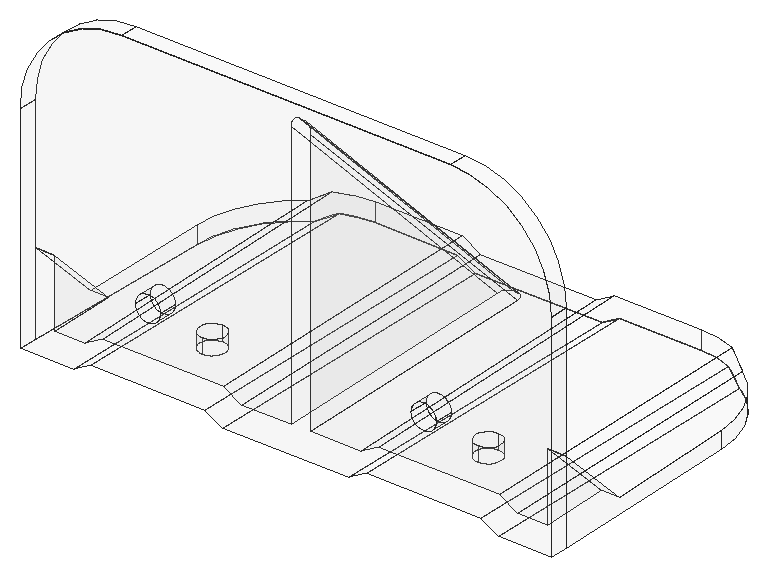
Revit family "Sno-Safe Snow Guards Wide", category Generic Models, host Roof, Revit 2018
Family settings
  Host = Roof
  Can host rebar = No
  Round Connector Dimension = Use Diameter
  Part Type = Normal
  Always vertical = No
  Cut with Voids When Loaded = No
  Shared = No
  Room Calculation Point = No
Parameters
  Website = "https://nam11.safelinks.protection.outlook.com/?url=https%3A%2F%2Fsno-safe.com%2F&amp;data=04%7C01%7Ccalbino%40blcompanies.com%7Cf221385ec2604285d10608d8efbff813%7Cb5da29df00d54e629ce64abaf7b02f5b%7C1%7C0%7C637522955881905874%7CUnknown%7CTWFpbGZsb3d8eyJWIjoiMC4wLjAwMDAiLCJQIjoiV2luMzIiLCJBTiI6Ik1haWwiLCJXVCI6Mn0%3D%7C1000&amp;sdata=iPplaXVlCnqY9QvmvaCPIVYFggKMZfZzkYPY14Ha8n8%3D&amp;reserved=0"
  Suggested Adhesive = "Surebond SB-190"
  Phone = "413-592-0404"
  Model = "Wide Polycarbonate Snow Guards"
  Methods of attachment = "Adhesive or Roofing screws with sealant"
  Material = "UV Resistant Polycarbonate"
  Manufacturer = "Sno-Safe Snow Guards"
  Link for requesting a custom layout = "https://nam11.safelinks.protection.outlook.com/?url=https%3A%2F%2Fsno-safe.com%2Fspacing.html&amp;data=04%7C01%7Ccalbino%40blcompanies.com%7Cf221385ec2604285d10608d8efbff813%7Cb5da29df00d54e629ce64abaf7b02f5b%7C1%7C0%7C637522955881905874%7CUnknown%7CTWFpbGZsb3d8eyJWIjoiMC4wLjAwMDAiLCJQIjoiV2luMzIiLCJBTiI6Ik1haWwiLCJXVCI6Mn0%3D%7C1000&amp;sdata=THajqZv8bPR4k426554uiJndSxCfwZHCU6hFwpszlcI%3D&amp;reserved=0"
  Colors = 01) Clear
  Address = "PO Box 541, Chicopee, MA 01021"
Reference planes (in)
  plane 1 "Center (Front/Back)": y = 0
  plane 2 "Roof": z = 144
  plane 3 "Center (Left/Right)": x = 0
Dimensions and locks (in)
  equal spacing: host sketch curve, plane 3 "Center (Left/Right)", host sketch curve
  equal spacing: host sketch curve, plane 1 "Center (Front/Back)", host sketch curve
  aligned and locked: plane 2 "Roof" to level
  aligned and locked: nested 1 to plane 1 "Center (Front/Back)"
  aligned and locked: nested 1 to plane 3 "Center (Left/Right)"
  aligned and locked: plane 1 "Center (Front/Back)" to nested 1
  aligned and locked: nested 1 to host roof
Nested families (in)
  nested 1: "Sno-Safe Wide" at (0, 0, 150) x (-1, 0, 0) z (0, 0, 1), type "Sno-Safe Wide"
Definition of nested family "Sno-Safe Wide"
  Parameters (values of type "Sno-Safe Wide")
    Website = "https://nam11.safelinks.protection.outlook.com/?url=https%3A%2F%2Fsno-safe.com%2F&amp;data=04%7C01%7Ccalbino%40blcompanies.com%7Cf221385ec2604285d10608d8efbff813%7Cb5da29df00d54e629ce64abaf7b02f5b%7C1%7C0%7C637522955881905874%7CUnknown%7CTWFpbGZsb3d8eyJWIjoiMC4wLjAwMDAiLCJQIjoiV2luMzIiLCJBTiI6Ik1haWwiLCJXVCI6Mn0%3D%7C1000&amp;sdata=iPplaXVlCnqY9QvmvaCPIVYFggKMZfZzkYPY14Ha8n8%3D&amp;reserved=0"
    URL = ""
    Suggested Adhesive = "Surebond SB-190"
    Phone = "413-592-0404"
    Model = "Wide Polycarbonate Snow Guards"
    Methods of attachment = "Adhesive or Roofing screws with sealant"
    Material = "UV Resistant Polycarbonate"
    Manufacturer = "Sno-Safe Snow Guards"
    Link for requesting a custom layout = "https://nam11.safelinks.protection.outlook.com/?url=https%3A%2F%2Fsno-safe.com%2Fspacing.html&amp;data=04%7C01%7Ccalbino%40blcompanies.com%7Cf221385ec2604285d10608d8efbff813%7Cb5da29df00d54e629ce64abaf7b02f5b%7C1%7C0%7C637522955881905874%7CUnknown%7CTWFpbGZsb3d8eyJWIjoiMC4wLjAwMDAiLCJQIjoiV2luMzIiLCJBTiI6Ik1haWwiLCJXVCI6Mn0%3D%7C1000&amp;sdata=THajqZv8bPR4k426554uiJndSxCfwZHCU6hFwpszlcI%3D&amp;reserved=0"
    Description = ""
    Colors = none
    Address = "PO Box 541, Chicopee, MA 01021"
  Reference planes (in)
    plane 1 "Center (Front/Back)": y = 0
    plane 2: z = 0
    plane 3 "Center (Left/Right)": x = 0
  Forms (in)
    Extrusion 1, solid, material <- "Colors"
      sketch origin (0, -0.39992, 0.71951) x (0, 0.996911, -0.078534) y (0, 0.078534, 0.996911)
        loop
          line (-2.38354, -0.7257) -> (0.25727, -0.56097) -> (0.04248, 2.16552) -> (-2.38354, -0.7257)
      from -0.0975 to 0.0975
    Extrusion 2, void
      sketch origin (0, -0.98796, -0.20774) x (1, 0, 0) y (0, 0.713198, -0.700963)
        loop
          line (-0.0975, -1.52) -> (-0.0975, -1.59) -> (-0.0275, -1.59)
          arc (-0.0275, -1.59) -> (-0.077, -1.5695) -> (-0.0975, -1.52) r 0.07
      from -1.01452 to 2.75969
    Blend 3, solid, material <- "Colors"
      base sketch origin (0, 0, 0) x (1, 0, 0) y (0, 0, 1)
        loop
          line (-2.62482, 0.137) -> (-2.62482, 0) -> (-2.09998, 0) -> (-1.92542, 0.1) -> (-0.8, 0.1) -> (-0.625, 0) -> (0.625, 0) -> (0.8, 0.1) -> (1.92502, 0.1) -> (2.09958, 0) -> (2.62482, 0) -> (2.62482, 0.137) -> (2.13604, 0.137) -> (1.96148, 0.237) -> (0.76362, 0.237) -> (0.58862, 0.137) -> (-0.58862, 0.137) -> (-0.76362, 0.237) -> (-1.96188, 0.237) -> (-2.13644, 0.137) -> (-2.62482, 0.137)
      top sketch origin (0, 0, 0) x (1, 0, 0) y (0, 0, 1)
        loop
          line (-2.62482, 0) -> (-2.09998, 0) -> (-1.92542, 0.1) -> (-0.8, 0.1) -> (-0.625, 0) -> (0.625, 0) -> (0.8, 0.1) -> (1.92502, 0.1) -> (2.09958, 0) -> (2.62482, 0) -> (2.62482, 0.188) -> (2.14961, 0.188) -> (1.97505, 0.288) -> (0.75007, 0.288) -> (0.57507, 0.188) -> (-0.57507, 0.188) -> (-0.75007, 0.288) -> (-1.97546, 0.288) -> (-2.15002, 0.188) -> (-2.62482, 0.188) -> (-2.62482, 0)
      from 0.1875 to 3.125
    Extrusion 4, void
      sketch origin (0, 0, 0) x (1, 0, 0) y (0, 1, 0)
        loop
          line (-2.58757, -2.14406) -> (-2.62482, -0.1875) -> (-2.72435, -0.1875) -> (-2.72435, -3.2) -> (2.72435, -3.2) -> (2.72435, -0.1875) -> (2.62482, -0.1875) -> (2.58757, -2.14406)
          arc (2.58757, -2.14406) -> (2.29571, -2.83136) -> (1.60916, -3.125) r 1.00022
          line (1.60916, -3.125) -> (-1.60916, -3.125)
          arc (-1.60916, -3.125) -> (-2.29571, -2.83136) -> (-2.58757, -2.14406) r 1.00022
      from 0 to 1
    Extrusion 5, void
      sketch origin (0, -0.98796, -0.20774) x (-1, 0, 0) y (0, -0.713198, 0.700963)
        loop
          arc (-0.0975, 1.52) -> (-0.077, 1.5695) -> (-0.0275, 1.59) r 0.07
          line (-0.0275, 1.59) -> (-0.0975, 1.59) -> (-0.0975, 1.52)
      from -1.01452 to 2.75969
    Extrusion 6, solid, material <- "Colors"
      sketch origin (0, 0, 0) x (1, 0, 0) y (0, 0, 1)
        loop
          line (-1.92542, 0.1) -> (-0.8, 0.1) -> (-0.625, 0) -> (0.625, 0) -> (0.8, 0.1) -> (1.92502, 0.1) -> (2.09958, 0) -> (2.62482, 0) -> (2.62482, 2.125)
          arc (2.62482, 2.125) -> (2.33193, 2.83211) -> (1.62482, 3.125) r 1
          line (1.62482, 3.125) -> (-1.62482, 3.125)
          arc (-1.62482, 3.125) -> (-2.33193, 2.83211) -> (-2.62482, 2.125) r 1
          line (-2.62482, 2.125) -> (-2.62482, 0) -> (-2.09998, 0) -> (-1.92542, 0.1)
        loop
          circle (-1.3625, 0.8) r 0.125
        loop
          circle (1.3625, 0.8) r 0.125
      from 0 to 0.1875
    Extrusion 7, solid, material <- "Colors"
      sketch origin (0, 0, 0) x (0, 1, 0) y (0, 0, 1)
        loop
          line (-0.1875, 0.81248) -> (-0.85282, 0.14855) -> (-0.1875, 0.137) -> (-0.1875, 0.81248)
      from -2.62482 to -2.43682
    Extrusion 8, void
      sketch origin (0, 0, 0) x (1, 0, 0) y (0, 1, 0)
        loop
          arc (-1.36179, -0.67497) -> (-1.4875, -0.79929) -> (-1.36321, -0.92503) r 0.12503
          arc (-1.36321, -0.92503) -> (-1.2375, -0.80071) -> (-1.36179, -0.67497) r 0.12503
        loop
          arc (1.36321, -0.67497) -> (1.2375, -0.79929) -> (1.36179, -0.92503) r 0.12503
          arc (1.36179, -0.92503) -> (1.4875, -0.80071) -> (1.36321, -0.67497) r 0.12503
      from 0 to 0.3
    Extrusion 9, solid, material <- "Colors"
      sketch origin (0, 0, 0) x (0, 1, 0) y (0, 0, -1)
        loop
          line (-0.1875, -0.81248) -> (-0.1875, -0.137) -> (-0.85282, -0.14855) -> (-0.1875, -0.81248)
      from -2.62482 to -2.43682
  Cuts and joins
    Extrusion 2, Extrusion 5, Extrusion 8 cuts Extrusion 1
    Extrusion 4, Extrusion 8 cuts Blend 3
    Extrusion 8 cuts Extrusion 6
    Extrusion 4, Extrusion 8 cuts Extrusion 7
    Extrusion 4 cuts Extrusion 9
    joined: Extrusion 1, Blend 3, Extrusion 6, Extrusion 7, Extrusion 9
  Lines and regions (in)
    symbolic lines
      curve 1: line (1.13161, -0.8, 0) -> (1.59346, -0.8, 0)
      curve 2: line (1.36253, -1.03093, 0) -> (1.36253, -0.56907, 0)
      curve 3: line (-1.36253, -0.56907, 0) -> (-1.36253, -1.03093, 0)
      curve 4: line (-1.13161, -0.8, 0) -> (-1.59346, -0.8, 0)
      curve 5: line (-1.3625, 0, 1.031) -> (-1.3625, 0, 0.569)
      curve 6: line (-1.1315, 0, 0.8) -> (-1.5935, 0, 0.8)
      curve 7: line (1.3625, 0, 1.031) -> (1.3625, 0, 0.569)
      curve 8: line (1.5935, 0, 0.8) -> (1.1315, 0, 0.8)
  Dimensions and locks (in)
    aligned and locked: plane 2 to level
